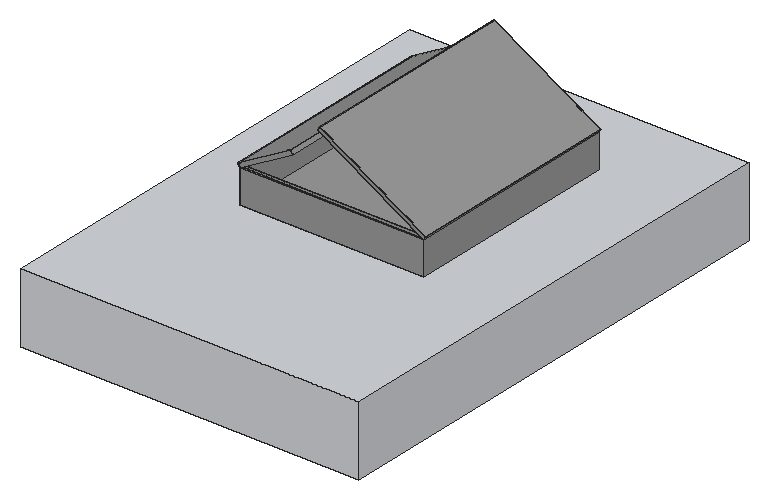
Revit family "Hager-Univers-IP44-D161-Cl.II-FWB-encl--PL-en", category Equipement électrique, Revit 2020
Family settings
  Hôte = Face
  Configuration du panneau = Deux colonnes, circuits au sein
  Cote de connecteur circulaire = Utiliser le diamètre
  Type d'élément = Tableau de raccordement
  Couper avec des vides une fois chargée = Non
  Partagée = Non
  Point de calcul de pièce = Non
Parameters (values of type "Surface mounted (plaster) IP44 W800 H950 D161  - FWB63D")
  Width Control [instance] = if([EF000008 - Width] > Min Width, [EF000008 - Width], Min Width)  # 800 mm
  Commentaires du type = [HG000003 - Range]  # "Univers"
  Thickness Door [instance] = if([EF009171 - Material plate thickness door/cover] > 3 mm, 3 mm, [EF009171 - Material plate thickness door/cover])  # 1 mm
  Seal Frame Offset [instance] = 17 mm  # constant formula
  Plinth Visibility [instance] = [HG000027 - Plinth height] > 0 mm  # no
  Model = ""
  Min Width [instance] = 100 mm  # constant formula
  Min Height [instance] = 100 mm  # constant formula
  Min Depth [instance] = (2 * [EF009170 - Material plate thickness cabinet]) + 1 mm  # 3 mm
  Internal Frame Depth [instance] = (Door System Depth * 0.5)  # 9 mm
  Height Control [instance] = if([EF000040 - Height] > Min Height, [EF000040 - Height], Min Height)  # 950 mm
  HG000027 - Plinth height = 0 mm
  HG000026 - Floor standing = no
  HG000024 - Bottom section height = 800 mm
  HG000023 - Double section enclosure = no
  HG000016 - Door 3d visibility [instance] = yes
  HG000015 - Clearance visibility [instance] = no
  HG000014 - Door on the right [instance] = yes
  HG000013 - Door on the left [instance] = not([HG000014 - Door on the right])  # no
  HG000012 - Door swing angle [instance] = 30.00°
  HG000010 - Asymmetric doors = yes
  HG000009 - Double swing door = yes
  HG000006 - Flush mounted = no
  HG000004 - Manufacturer reference = "FWB63D"
  HG000003 - Range = "Univers"
  HG000002 - With door or cover = yes
  Frame Offset Bottom [instance] = 10 mm  # constant formula
  Frame Offset [instance] = 15 mm  # constant formula
  EF015940 - Cover with overpressure release = no
  EF011959 - Degree of protection (NEMA) = ""
  EF009554 - Number of openings for flange plates = 6
  EF009212 - Cover model = "EV000116 - Closed"
  EF009171 - Material plate thickness door/cover = 1 mm
  EF009170 - Material plate thickness cabinet = 1 mm
  Fabricant = "Hager"  # constant formula
  EF008873 - Nominal current (In) = 125 A
  EF007800 - Suitable for lightning protection = no
  EF006306 - With lock = no
  EF006244 - Transparent cover/door = no
  EF005474 - Degree of protection (IP) = "EV006418 - IP44"
  EF004464 - Type of door = "EV000494 - None"
  EF004427 - Number of modules = 216
  EF004293 - Impact strength = "EV006815 - IK09"
  EF003532 - Suitable for outdoor use = no
  EF002950 - Width in number of modular spacings = 12
  EF001613 - Circuit integrity = "EV000494 - None"
  EF001596 - Material housing = "EV000179 - Steel"
  EF001131 - Internal depth = 156 mm
  EF001088 - Extension possible = yes
  EF000437 - Number of conduit inlets = 12
  EF000339 - Type of cover = "EV004216 - Door"
  EF000266 - Number of rows = 0
  EF000218 - Built-in depth = 0 mm
  EF000118 - With mounting plate = no
  EF000116 - RAL-number = "9010"
  EF000049 - Depth = 161 mm
  EF000040 - Height = 950 mm
  EF000008 - Width = 800 mm
  EF000007 - Colour = "EV000202 - White"
  EF000003 - Mounting method = "EV000384 - Surface mounted (plaster)"
  Door System Leaf Tolerance [instance] = 1.5 mm  # constant formula
  Door System Depth [instance] = 18 mm  # constant formula
  Door Height [instance] = Height Control - [HG000027 - Plinth height]  # 950 mm
  Depth Control [instance] = if([EF000049 - Depth] > Min Depth, [EF000049 - Depth], Min Depth)  # 161 mm
  Default Elevation = 0 mm
  Connector Offset [instance] = Height Control / 2  # 475 mm
  Bottom Top Plate Trim [instance] = 1.5 mm  # constant formula
  Plinth height Ctrl [instance] = if([HG000027 - Plinth height] > 0 mm, [HG000027 - Plinth height], 12 mm)  # 12 mm
Types (19, lengths in mm): name | Width Control | Thickness Door | Min Depth | Height Control | HG000010 - Asymmetric doors | HG000009 - Double swing door | HG000004 - Manufacturer reference | EF009554 - Number of openings for flange plates | EF009212 - Cover model | EF009171 - Material plate thickness door/cover | EF009170 - Material plate thickness cabinet | EF004464 - Type of door | EF004427 - Number of modules | EF001131 - Internal depth | EF000437 - Number of conduit inlets | EF000339 - Type of cover | EF000040 - Height | EF000008 - Width | Door Height | Connector Offset
  Surface mounted (plaster) IP44 W1050 H1100 D161  - FWB74D | 1050 | 1 | 3 | 1100 | no | yes | "FWB74D" | 8 | "EV000116 - Closed" | 1 | 1 | "EV000494 - None" | 336 | 160 | 16 | "EV000494 - None" | 1100 | 1050 | 1100 | 550
  Surface mounted (plaster) IP44 W1050 H500 D161  - FWB34D | 1050 | 1 | 3 | 500 | no | yes | "FWB34D" | 8 | "EV000116 - Closed" | 1 | 1 | "EV003602 - Double" | 144 | 156 | 16 | "EV004216 - Door" | 500 | 1050 | 500 | 250
  Surface mounted (plaster) IP44 W1050 H650 D161  - FWB44D | 1050 | 1 | 3 | 650 | no | yes | "FWB44D" | 8 | "EV000116 - Closed" | 1 | 1 | "EV003602 - Double" | 192 | 156 | 16 | "EV004216 - Door" | 650 | 1050 | 650 | 325
  Surface mounted (plaster) IP44 W1050 H800 D161  - FWB54D | 1050 | 1 | 3 | 800 | no | yes | "FWB54D" | 8 | "EV000116 - Closed" | 1 | 1 | "EV002646 - Single" | 240 | 156 | 16 | "EV004216 - Door" | 800 | 1050 | 800 | 400
  Surface mounted (plaster) IP44 W1050 H950 D161  - FWB64D | 1050 | 1 | 3 | 950 | no | yes | "FWB64D" | 8 | "EV000116 - Closed" | 1 | 1 | "EV003602 - Double" | 288 | 156 | 16 | "EV004216 - Door" | 950 | 1050 | 950 | 475
  Surface mounted (plaster) IP44 W300 H1100 D161  - FWB71D | 300 | 1 | 3 | 1100 | no | no | "FWB71D" | 2 | "EV000116 - Closed" | 1 | 1 | "EV000494 - None" | 84 | 160 | 4 | "EV004216 - Door" | 1100 | 300 | 1100 | 550
  Surface mounted (plaster) IP44 W300 H650 D161  - FWB41D | 300 | 2 | 5 | 650 | no | no | "FWB41D" | 2 | "EV000116 - Closed" | 2 | 2 | "EV000494 - None" | 48 | 160 | 4 | "EV004216 - Door" | 650 | 300 | 650 | 325
  Surface mounted (plaster) IP44 W300 H800 D161  - FWB51D | 300 | 1 | 3 | 800 | no | no | "FWB51D" | 2 | "EV000116 - Closed" | 1 | 1 | "EV000494 - None" | 60 | 160 | 4 | "EV004216 - Door" | 800 | 300 | 800 | 400
  Surface mounted (plaster) IP44 W300 H950 D161  - FWB61D | 300 | 1 | 3 | 950 | no | no | "FWB61D" | 2 | "EV000116 - Closed" | 1 | 1 | "EV000494 - None" | 72 | 160 | 4 | "EV004216 - Door" | 950 | 300 | 950 | 475
  Surface mounted (plaster) IP44 W550 H1100 D161  - FWB72D | 550 | 1 | 3 | 1100 | no | no | "FWB72D" | 4 | "EV000116 - Closed" | 1 | 1 | "EV000494 - None" | 168 | 160 | 8 | "EV004216 - Door" | 1100 | 550 | 1100 | 550
  Surface mounted (plaster) IP44 W550 H500 D161  - FWB32D | 550 | 2 | 5 | 500 | no | no | "FWB32D" | 4 | "EV000116 - Closed" | 2 | 2 | "EV002646 - Single" | 72 | 156 | 8 | "EV000494 - None" | 500 | 550 | 500 | 250
  Surface mounted (plaster) IP44 W550 H650 D161  - FWB42D | 550 | 1 | 3 | 650 | no | no | "FWB42D" | 4 | "EV000116 - Closed" | 1 | 1 | "EV000494 - None" | 96 | 160 | 8 | "EV004216 - Door" | 650 | 550 | 650 | 325
  Surface mounted (plaster) IP44 W550 H800 D161  - FWB52D | 550 | 1 | 3 | 800 | no | no | "FWB52D" | 4 | "EV000116 - Closed" | 1 | 1 | "EV000494 - None" | 120 | 160 | 8 | "EV004216 - Door" | 800 | 550 | 800 | 400
  Surface mounted (plaster) IP44 W550 H950 D161  - FWB62D | 550 | 1 | 3 | 950 | no | no | "FWB62D" | 4 | "EV000116 - Closed" | 1 | 1 | "EV000494 - None" | 144 | 160 | 8 | "EV004216 - Door" | 950 | 550 | 950 | 475
  Surface mounted (plaster) IP44 W800 H1100 D161  - FWB73D | 800 | 1 | 3 | 1100 | yes | yes | "FWB73D" | 6 | "EV000116 - Closed" | 1 | 1 | "EV003602 - Double" | 252 | 156 | 12 | "EV004216 - Door" | 1100 | 800 | 1100 | 550
  Surface mounted (plaster) IP44 W800 H500 D161  - FWB33D | 800 | 1 | 3 | 500 | yes | yes | "FWB33D" | 6 | "EV000116 - Closed" | 1 | 1 | "EV000494 - None" | 108 | 160 | 12 | "EV004216 - Door" | 500 | 800 | 500 | 250
  Surface mounted (plaster) IP44 W800 H650 D161  - FWB43D | 800 | 1 | 5 | 650 | yes | yes | "FWB43D" | 6 | "EV009916 - With notch" | 1 | 2 | "EV000494 - None" | 144 | 160 | 12 | "EV004216 - Door" | 650 | 800 | 650 | 325
  Surface mounted (plaster) IP44 W800 H800 D161  - FWB53D | 800 | 1 | 5 | 800 | yes | yes | "FWB53D" | 6 | "EV000116 - Closed" | 1 | 2 | "EV000494 - None" | 180 | 160 | 12 | "EV004216 - Door" | 800 | 800 | 800 | 400
  Surface mounted (plaster) IP44 W800 H950 D161  - FWB63D | 800 | 1 | 3 | 950 | yes | yes | "FWB63D" | 6 | "EV000116 - Closed" | 1 | 1 | "EV000494 - None" | 216 | 156 | 12 | "EV004216 - Door" | 950 | 800 | 950 | 475
Reference planes
  plane 1 "Center (Front/Back)": y = 0
  plane 2: z = 0
  plane 3 "Center (Left/Right)": x = 0
  plane 4: z = 161
  plane 5: y = 1
  plane 6: y = 475
  plane 7: y = 0
  plane 8: y = 950
  plane 9: z = 0
  plane 10: x = -385
  plane 11: x = 385
  plane 12: x = 384
  plane 13: x = -384
  plane 14: y = 949
  plane 15: x = -383
  plane 16: x = -400
  plane 17: x = 383
  plane 18: x = 400
  plane 19: x = 399
  plane 20: x = -399
  plane 21: y = 11
  plane 22: y = 950
  plane 23: y = 934
  plane 24: z = 143
  plane 25: z = 1
  plane 26: z = 142
  plane 27: z = 160
Forms (mm)
  Extrusion 1, solid
    sketch origin (0, 0, 0) x (1, 0, 0) y (0, 1, 0)
      loop
        line (-702.964, 1305) -> (-702.964, -811.445) -> (766.763, -811.445) -> (766.763, 1305) -> (-702.964, 1305)
    from 0 to -304.8
  Extrusion 2, solid, material "Hager_Steel_RAL7035_Light_Grey", visible <- "Plinth Visibility", detail levels medium+fine
    sketch origin (0, 0, 0) x (1, 0, 0) y (0, 1, 0)
      loop
        line (-400, 0) -> (400, 0) -> (400, 12) -> (-400, 12) -> (-400, 0)
    from 0 to 143
  Extrusion 3, solid, material "Hager_Steel_RAL7035_Light_Grey", detail levels medium+fine
    sketch origin (0, 0, 0) x (1, 0, 0) y (0, 1, 0)
      loop
        line (-400, 0) -> (400, 0) -> (400, 950) -> (-400, 950) -> (-400, 0)
    from 0 to 143
  Extrusion 4, void
    sketch origin (0, 0, 0) x (1, 0, 0) y (0, 1, 0)
      loop
        line (-399, 1) -> (399, 1) -> (399, 949) -> (-399, 949) -> (-399, 1)
    from 1 to 142
  Extrusion 5, void
    sketch origin (-381.607, -4572, 143) x (0, -1, 0) y (-1, 0, 0)
      loop
        line (-4583, 2.393) -> (-5506, 2.393) -> (-5506, -765.607) -> (-4583, -765.607) -> (-4583, 2.393)
    from 0 to 1 <- "EF009170 - Material plate thickness cabinet"
  Extrusion 6, solid, material "Hager_Steel_RAL7035_Light_Grey", detail levels fine
    sketch origin (0, 0, 143) x (1, 0, 0) y (0, 1, 0)
      loop
        line (-384, 934) -> (-384, 11) -> (384, 11) -> (384, 934) -> (-384, 934)
      loop
        line (-385, 10) -> (385, 10) -> (385, 935) -> (-385, 935) -> (-385, 10)
    from 0 to 9 <- "Internal Frame Depth"
  Extrusion 7, solid, material "Hager_Steel_RAL7035_Light_Grey", detail levels coarse
    sketch origin (0, 0, 0) x (1, 0, 0) y (0, 1, 0)
      loop
        line (-400, 0) -> (400, 0) -> (400, 950) -> (-400, 950) -> (-400, 0)
    from 0 to 161
  Sweep 8, void
    path in 3D
      loop
        line (-400, 12, 0) -> (400, 12, 0) -> (400, 12, 143) -> (-400, 12, 143) -> (-400, 12, 0)
    profile origin (-400, 12, 71.5) x (-1, 0, 0) y (0, -1, 0)
      loop
        line (0, 0) -> (0, 1.5) -> (-1.5, 1.5)
        arc (-1.5, 1.5) -> (-1.061, 0.439) -> (0, 0) r 1.5
Cuts and joins
  Extrusion 4, Extrusion 5 cuts Extrusion 3
  Sweep 8 cuts Extrusion 2
Lines and regions (mm)
  Masking region 1
    outline origin (0, 0, 0) x (1, 0, 0) y (0, 0, 1)
      loop
        line (-400, 161) -> (-400, 0) -> (400, 0) -> (400, 161) -> (-400, 161)
  Masking region 2, detail levels medium+fine
    outline origin (0, 140, 0) x (0, 1, 0) y (0, 0, 1)
      loop
        line (-140, 0) -> (810, 0) -> (810, 143) -> (-140, 143) -> (-140, 0)
  Masking region 3, not visible, detail levels medium+fine
    outline origin (0, 297.922, 0) x (0, 1, 0) y (0, 0, 1)
      loop
        line (188.578, 0) -> (228.578, 0) -> (228.578, 150)
        arc (228.578, 150) -> (225.649, 157.071) -> (218.578, 160) r 10
        line (218.578, 160) -> (188.578, 160) -> (188.578, 0)
  Masking region 4, detail levels coarse
    outline origin (0, 0, 180) x (0, 1, 0) y (0, 0, 1)
      loop
        line (0, -180) -> (950, -180) -> (950, -19) -> (0, -19) -> (0, -180)
  Masking region 5, visible <- "Plinth Visibility", detail levels medium+fine
    outline origin (0, 52.24, 12.345) x (0, 0, -1) y (0, 1, 0)
      loop
        line (10.845, -40.24) -> (-129.155, -40.24)
        arc (-129.155, -40.24) -> (-129.594, -41.301) -> (-130.655, -41.74) r 1.5
        line (-130.655, -41.74) -> (-130.655, -52.24) -> (12.345, -52.24) -> (12.345, -41.74)
        arc (12.345, -41.74) -> (11.285, -41.301) -> (10.845, -40.24) r 1.5
  Masking region 6, detail levels medium+fine
    outline origin (-381.607, -4572, 143) x (-1, 0, 0) y (0, -1, 0)
      loop
        line (18.393, -5522) -> (18.393, -4572) -> (-781.607, -4572) -> (-781.607, -5522) -> (18.393, -5522)
  Masking region 7, visible <- "Plinth Visibility", detail levels medium+fine
    outline origin (-381.607, -4727, 143) x (-1, 0, 0) y (0, -1, 0)
      loop
        arc (16.893, -4739) -> (17.332, -4737.939) -> (18.393, -4737.5) r 1.5
        line (18.393, -4737.5) -> (18.393, -4727) -> (-781.607, -4727) -> (-781.607, -4737.5)
        arc (-781.607, -4737.5) -> (-780.546, -4737.939) -> (-780.107, -4739) r 1.5
        line (-780.107, -4739) -> (16.893, -4739)
  Masking region 8, detail levels coarse
    outline origin (-442.548, -4669.526, 143) x (-1, 0, 0) y (0, -1, 0)
      loop
        line (-42.548, -5619.526) -> (-42.548, -4669.526) -> (-842.548, -4669.526) -> (-842.548, -5619.526) -> (-42.548, -5619.526)
  sketch lines
    curve 1: line (-400, 12, 143) -> (-400, 12, 0)
    curve 2: line (400, 12, 143) -> (-400, 12, 143)
    curve 3: line (400, 12, 143) -> (400, 12, 0)
    curve 4: line (-400, 12, 0) -> (400, 12, 0)
Dimensions and locks
  "Depth Control": plane 4 to Extrusion 1
  "HG000027 - Plinth height": plane 1 "Center (Front/Back)" to plane 7
  "EF009170 - Material plate thickness cabinet": plane 5 to plane 7
  locked: connector elem to plane 3 "Center (Left/Right)"
  equal spacing: plane 8, plane 6, plane 7
  locked: connector elem to plane 6
  "EF009170 - Material plate thickness cabinet": plane 8 to plane 14
  "EF009170 - Material plate thickness cabinet": plane 10 to plane 13
  "EF009170 - Material plate thickness cabinet": plane 12 to plane 11
  "Frame Offset": plane 20 to plane 13
  "Frame Offset": plane 12 to plane 19
  "EF009170 - Material plate thickness cabinet": plane 16 to plane 20
  "EF009170 - Material plate thickness cabinet": plane 19 to plane 18
  "Seal Frame Offset": plane 16 to plane 15
  "Seal Frame Offset": plane 17 to plane 18
  "Frame Offset Bottom": plane 21 to plane 5
  "Frame Offset": plane 14 to plane 23
  equal spacing: plane 16, plane 3 "Center (Left/Right)", plane 18
  "Width Control": plane 16 to plane 18
  "EF009170 - Material plate thickness cabinet": plane 4 to plane 27
  "EF009170 - Material plate thickness cabinet": plane 24 to plane 26
  "EF009170 - Material plate thickness cabinet": plane 25 to level
  "Door System Depth": plane 4 to plane 24
  "Height Control": plane 1 "Center (Front/Back)" to Extrusion 7 sketch curve
  "Height Control": Masking region 4 sketch curve to plane 1 "Center (Front/Back)"
  "Height Control": plane 1 "Center (Front/Back)" to plane 22
  "Bottom Top Plate Trim": profile plane to Sweep 8 sketch curve
  "Bottom Top Plate Trim": Sweep 8 sketch curve to profile plane
  "Plinth height Ctrl": plane 1 "Center (Front/Back)" to Extrusion 2 sketch curve
  "Plinth height Ctrl": Masking region 5 sketch curve to plane 1 "Center (Front/Back)"
  "Plinth height Ctrl": plane 1 "Center (Front/Back)" to Masking region 7 sketch curve
  "Thickness Door": Extrusion 6 sketch curve to Extrusion 6 sketch curve  (x3)
  "Thickness Door": cut or joined group of Extrusion 3, Extrusion 4, Extrusion 5 to Extrusion 6 sketch curve
  radius of Masking region 3 sketch curve = 10 mm
  "Bottom Top Plate Trim": radius of Masking region 5 sketch curve  (x2)
  "Bottom Top Plate Trim": radius of Sweep 8 sketch curve
  "Bottom Top Plate Trim": radius of Masking region 7 sketch curve  (x2)
  aligned and locked: plane 2 to Extrusion 1
  aligned and locked: level to Extrusion 1
  aligned and locked: level to Masking region 1 sketch curve
  aligned and locked: Masking region 1 sketch curve to plane 18
  aligned and locked: Masking region 1 sketch curve to plane 16
  aligned and locked: plane 7 to Masking region 2 sketch curve
  aligned and locked: level to Masking region 3 sketch curve
  aligned and locked: Masking region 3 sketch curve to plane 27
  aligned and locked: level to Masking region 2 sketch curve
  aligned and locked: plane 1 "Center (Front/Back)" to Extrusion 2 sketch curve
  aligned and locked: Extrusion 3 sketch curve to plane 7
  aligned and locked: plane 16 to Extrusion 3 sketch curve
  aligned and locked: plane 18 to Extrusion 3 sketch curve
  aligned and locked: plane 20 to Extrusion 4 sketch curve
  aligned and locked: plane 19 to Extrusion 4 sketch curve
  aligned and locked: Extrusion 4 sketch curve to plane 5
  aligned and locked: Extrusion 4 to plane 25
  aligned and locked: plane 26 to Extrusion 4
  aligned and locked: plane 24 to Extrusion 3
  aligned and locked: Extrusion 5 sketch curve to plane 21
  aligned and locked: Extrusion 5 sketch curve to plane 13
  aligned and locked: Extrusion 5 sketch curve to plane 12
  aligned and locked: plane 18 to Extrusion 7 sketch curve
  aligned and locked: plane 1 "Center (Front/Back)" to Extrusion 7 sketch curve
  aligned and locked: plane 16 to Extrusion 7 sketch curve
  aligned and locked: plane 4 to Extrusion 7
  aligned and locked: Extrusion 7 to level
  aligned and locked: level to Masking region 4 sketch curve
  aligned and locked: Masking region 4 sketch curve to plane 1 "Center (Front/Back)"
  aligned and locked: Masking region 4 sketch curve to plane 4
  aligned and locked: nested 1 to level
  aligned and locked: nested 1 to plane 16
  aligned and locked: plane 8 to Extrusion 3 sketch curve
  aligned and locked: plane 23 to Extrusion 5 sketch curve
  aligned and locked: plane 14 to Extrusion 4 sketch curve
  aligned and locked: Masking region 2 sketch curve to plane 8
  aligned and locked: level to Masking region 5 sketch curve
  aligned and locked: plane 16 to Extrusion 2 sketch curve
  aligned and locked: plane 18 to Extrusion 2 sketch curve
  aligned and locked: Masking region 5 sketch curve to plane 24
  aligned and locked: Masking region 2 sketch curve to plane 24
  aligned and locked: plane 24 to Extrusion 2
  aligned and locked: profile plane to Sweep 8 sketch curve  (x2)
  aligned and locked: Masking region 6 sketch curve to plane 18
  aligned and locked: Masking region 6 sketch curve to plane 22
  aligned and locked: Masking region 6 sketch curve to plane 16
  aligned and locked: plane 8 to plane 22
  aligned and locked: Masking region 6 sketch curve to plane 7
  aligned and locked: Masking region 7 sketch curve to plane 16
  aligned and locked: Masking region 7 sketch curve to plane 1 "Center (Front/Back)"
  aligned and locked: Masking region 7 sketch curve to plane 18
  aligned and locked: Masking region 8 sketch curve to plane 1 "Center (Front/Back)"
  aligned and locked: Masking region 8 sketch curve to plane 18
  aligned and locked: Masking region 8 sketch curve to plane 22
  aligned and locked: Masking region 8 sketch curve to plane 16
  aligned and locked: nested 2 to plane 7
  aligned and locked: plane 3 "Center (Left/Right)" to nested 2
  aligned and locked: nested 2 to plane 24
  aligned and locked: Extrusion 6 sketch curve to cut or joined group of Extrusion 3, Extrusion 4, Extrusion 5  (x4)
Automatic sketch dimensions
  Extrusion 1 sketch curve to Extrusion 1 sketch curve = 1469.727 mm
  Extrusion 1 sketch curve to Extrusion 1 sketch curve = 2116.445 mm
  Masking region 1 sketch curve to plane 4 = 0 mm
  plane 6 to Masking region 3 sketch curve = 11.5 mm
  Masking region 3 sketch curve to Masking region 3 sketch curve = 30 mm
  Masking region 5 sketch curve to plane 1 "Center (Front/Back)" = 0 mm
Nested families
  nested 1: "Hager_Enclosure_Symbol" at (-400, 0, 0) x (1, 0, 0) z (0, -1, 0), Height <- "Depth Control", Width <- "Width Control", type "Hager_Enclosure_Symbol"
    with Width_Ctrl 800 mm, Width 800 mm, Height_Ctrl 161 mm, Height 161 mm, A_Width_Int 10.566 mm, A_Width 126.788 mm, A_Height_Ctrl 140.875 mm, A_Height 140.875 mm
  nested 2: "EC000058_Univers_Door" at (0, 0, 143) x (1, 0, 0) z (0, 1, 0), Leaf_Tolerance <- "Door System Leaf Tolerance", Angle <- "HG000012 - Door swing angle", Door_Depth <- "Door System Depth", Door_Left <- "HG000013 - Door on the left", Transparent <- "EF006244 - Transparent cover/door", Assymetrical <- "HG000010 - Asymmetric doors", Width <- "Width Control", Clearance <- "HG000015 - Clearance visibility", Double <- "HG000009 - Double swing door", 3d_Door <- "HG000016 - Door 3d visibility", Lock_Visibility <- "EF006306 - With lock", Width_Ctrl <- "Width Control", Door_Right <- "HG000014 - Door on the right", Door <- "HG000002 - With door or cover", Height <- "Door Height", Thickness <- "Thickness Door", type "EC000058_Univers_Door", detail levels medium+fine
    with min_wh 3 mm, Width_Ctrl 800 mm, Width 800 mm, Transparent no, Thickness 1 mm, Seal_Material Hager_Rubber, Lock_Visibility no, Lock_Material Hager_Plastic_RAL9005_Jet_Black, Leaf_Width 800 mm, Leaf_Tolerance_External_Sides 0 mm, Leaf_Tolerance 1.5 mm, Leaf_Offset 0 mm, Leaf_Height 947 mm, Leaf_2_Width 532.583 mm, Leaf_2_Offset 266.292 mm, Leaf_1_Width 265.917 mm, Leaf_1_Offset 132.958 mm, Height_Ctrl 950 mm, Height 950 mm, Glass_Material Hager_Glass, Double_Clearance_Ctrl no, Double yes, Door_Right_Ctrl yes, Door_Right yes, Door_Material Hager_Steel_RAL7035_Light_Grey, Door_Left_Ctrl yes, Door_Left no, Door_Depth 18 mm, Door yes, Clearance_Material Hager_Clearance, Clearance_Depth 532.583 mm, Clearance_Ctrl no, Clearance no, Assymetrical yes, Angle 30.00°, 3d_Door yes
Connectors
  electrical at (0, 475, 0)
    settings: on plane 9, index 1, voltage 0 V, apparent load 0 VA, apparent load phase1 0 VA, apparent load phase2 0 VA, apparent load phase3 0 VA, power factor 1, load classification "Other", number of poles 1, system type 30, power factor state 1, is connector primary yes, connector utility no, sub classification motor no, connector description ""
Definition of nested family "EC000058_Univers_Door"
  Parameters (values of type "EC000058_Univers_Door")
    min_wh [instance] = (2 * Thickness) + 1 mm  # 11 mm
    Width_Ctrl [instance] = 400 mm
    Width [instance] = 500 mm
    Transparent [instance] = yes
    Thickness [instance] = 5 mm
    Seal_Material [instance] = none
    Lock_Visibility [instance] = yes
    Lock_Material [instance] = none
    Leaf_Width [instance] = if((Width_Ctrl - 2 * Leaf_Tolerance_External_Sides) > 0 mm, (Width_Ctrl - 2 * Leaf_Tolerance_External_Sides), min_wh)  # 400 mm
    Leaf_Tolerance_External_Sides [instance] = 0 mm  # constant formula
    Leaf_Tolerance [instance] = 1.5 mm
    Leaf_Offset [instance] = 0 mm  # constant formula
    Leaf_Height [instance] = if((Height_Ctrl - 2 * Leaf_Tolerance) > 0 mm, (Height_Ctrl - 2 * Leaf_Tolerance), min_wh)  # 497 mm
    Leaf_2_Width [instance] = if(and(and(Double, Assymetrical), Door_Left), (Leaf_Width / 3) - (Leaf_Tolerance / 2), if(and(and(Double, Assymetrical), Door_Right), (Leaf_Width / 3) * 2 - (Leaf_Tolerance / 2), if(and(Double, not(Assymetrical)), (Leaf_Width / 2) - Leaf_Tolerance, Leaf_Width)))  # 400 mm
    Leaf_2_Offset [instance] = if(and(Double, Assymetrical), Leaf_2_Width / 2, if(and(Double, not(Assymetrical)), Leaf_Width / 4, Leaf_Width / 2))  # 200 mm
    Leaf_1_Width [instance] = if(and(and(Double, Assymetrical), Door_Right), (Leaf_Width / 3) - (Leaf_Tolerance / 2), if(and(and(Double, Assymetrical), Door_Left), (Width / 3) * 2 - (Leaf_Tolerance / 2), if(and(Double, not(Assymetrical)), (Leaf_Width / 2) - Leaf_Tolerance, Leaf_Width)))  # 400 mm
    Leaf_1_Offset [instance] = if(and(Double, Assymetrical), Leaf_1_Width / 2, if(and(Double, not(Assymetrical)), Leaf_Width / 4, Leaf_Width / 2))  # 200 mm
    Height_Ctrl [instance] = if(Height > min_wh, Height, min_wh)  # 500 mm
    Height [instance] = 500 mm
    Glass_Material [instance] = none
    Double_Clearance_Ctrl [instance] = and(Double, Clearance)  # no
    Double [instance] = no
    Door_Right_Ctrl [instance] = and(or(Door_Right, Double), Door)  # yes
    Door_Right [instance] = yes
    Door_Material [instance] = none
    Door_Left_Ctrl [instance] = and(or(Door_Left, Double), Door)  # no
    Door_Left [instance] = no
    Door_Depth [instance] = 30 mm
    Door [instance] = yes
    Default Elevation = 1219.2 mm
    Clearance_Material [instance] = none
    Clearance_Depth [instance] = if(Leaf_1_Width > Leaf_2_Width, Leaf_1_Width, Leaf_2_Width)  # 400 mm
    Clearance_Ctrl [instance] = and(not(Double), Clearance)  # yes
    Clearance [instance] = yes
    Assymetrical [instance] = yes
    Angle [instance] = 30.00°
    3d_Door [instance] = yes
  Reference planes
    plane 1 "Center (Front/Back)": y = 0
    plane 2 "Bottom": z = 0
    plane 3 "Center (Left/Right)": x = 0
    plane 4: z = 500
    plane 5: x = -200
    plane 6: x = 200
    plane 7: z = 500
    plane 8: x = -200
    plane 9: z = 0
    plane 10: x = 200
    plane 11: y = 0
    plane 12: z = 1.5
    plane 13: x = -600
    plane 14: y = -400
    plane 15: x = 600
    plane 16: x = 0
    plane 17: x = 0
    plane 18: x = -200
    plane 19: x = 200
    plane 20: z = 498.5
  Forms (mm)
    Extrusion 1, solid, material <- "Clearance_Material", visible <- "Double_Clearance_Ctrl"
      sketch origin (1200, 0, 0) x (1, 0, 0) y (0, 0, -1)
        loop
          line (-1800, -498.5) -> (-600, -498.5) -> (-600, 0) -> (-1800, 0) -> (-1800, -498.5)
      from 0 to -400
  Dimensions and locks
    equal spacing: plane 5, plane 3 "Center (Left/Right)", plane 6
    "Width_Ctrl": plane 5 to plane 6
    "Leaf_Offset": plane 5 to plane 8
    "Leaf_Offset": plane 6 to plane 10
    "Leaf_Offset": plane 9 to level
    "Leaf_Offset": plane 4 to plane 7
    "Height_Ctrl": plane 4 to level
    "Leaf_Tolerance": plane 12 to plane 9
    locked: plane 11 to plane 1 "Center (Front/Back)"
    "Leaf_1_Offset": plane 18 to plane 16
    "Leaf_2_Offset": plane 17 to plane 19
    "Leaf_1_Width": plane 13 to plane 8
    "Leaf_2_Width": plane 10 to plane 15
    "Clearance_Depth": plane 14 to plane 1 "Center (Front/Back)"
    "Leaf_Tolerance_External_Sides": plane 8 to plane 18
    "Leaf_Tolerance_External_Sides": plane 19 to plane 10
    "Leaf_Tolerance": plane 7 to plane 20
    aligned and locked: level to plane 2 "Bottom"
    aligned and locked: nested 1 to plane 16
    aligned and locked: nested 2 to plane 17
    aligned and locked: Extrusion 1 to plane 13
    aligned and locked: plane 15 to Extrusion 1
    aligned and locked: Extrusion 1 to plane 14
    aligned and locked: plane 12 to nested 1
    aligned and locked: nested 2 to plane 12
    aligned and locked: Extrusion 1 to plane 11
    aligned and locked: plane 20 to Extrusion 1
    aligned and locked: nested 2 to plane 11
    aligned and locked: nested 1 to plane 11
  Automatic sketch dimensions
    Extrusion 1 sketch curve to level = 0 mm
    plane 5 to Extrusion 1 sketch curve = 400 mm
    plane 6 to Extrusion 1 sketch curve = 400 mm
    Extrusion 1 sketch curve to plane 4 = 1.5 mm
  Nested families
    nested 1: "EC000058_Univers_Door_Leaf" at (0, 0, 1.5), Width <- "Leaf_1_Width", visible <- "Door_Left_Ctrl", Leaf_Height <- "Leaf_Height", Angle <- "Angle", 3d_Door <- "3d_Door", Transparent <- "Transparent", Clearance Material <- "Clearance_Material", Clearance <- "Clearance_Ctrl", Door_Material <- "Door_Material", Glass_Material <- "Glass_Material", Door_Depth <- "Door_Depth", Lock_Material <- "Lock_Material", Seal_Material <- "Seal_Material", Lock_Visibility <- "Lock_Visibility", Thickness <- "Thickness", type "EC000058_Univers_Door_Leaf"
      with Width 400 mm, Transparent_Glass_Offset 30 mm, Transparent_Ctrl yes, Transparent yes, Thickness 5 mm, Standard no, Seal_Material none, Seal_D2 8 mm, Seal_D1 1 mm, Offset_Internal_Frame 10 mm, Lock_Width 20 mm, Lock_Visibility_3d yes, Lock_Visibility yes, Lock_Thickness_3 3 mm, Lock_Thickness_2 1 mm, Lock_Thickness_1 3 mm, Lock_Radius_Offset_2 16 mm, Lock_Radius_Offset_1 15 mm, Lock_Radius_2 5 mm, Lock_Radius 6 mm, Lock_Offset 5 mm, Lock_Material none, Lock_Height 80 mm, Lock_Cover_Top_Offset_2d 17 mm, Lock_Cover_Height -65 mm, Leaf_Height 497 mm, Internal_Seal_Thickness 8 mm, Internal_Seal_Depth_2 4.5 mm, Internal_Frame_Depth 25 mm, Glass_Thickness -1 mm, Glass_Offset -2 mm, Glass_Material none, Door_Material none, Door_Depth 30 mm, Clearance Material none, Clearance yes, Angle_Ctrl 30.00°, Angle 30.00°, 3d_Door yes
    nested 2: "EC000058_Univers_Door_Leaf" at (0, 0, 1.5) x (-1, 0, 0) z (0, 0, 1), Width <- "Leaf_2_Width", visible <- "Door_Right_Ctrl", Leaf_Height <- "Leaf_Height", Angle <- "Angle", 3d_Door <- "3d_Door", Transparent <- "Transparent", Clearance Material <- "Clearance_Material", Clearance <- "Clearance_Ctrl", Door_Material <- "Door_Material", Glass_Material <- "Glass_Material", Door_Depth <- "Door_Depth", Lock_Material <- "Lock_Material", Seal_Material <- "Seal_Material", Lock_Visibility <- "Lock_Visibility", Thickness <- "Thickness", type "EC000058_Univers_Door_Leaf"
      with Width 400 mm, Transparent_Glass_Offset 30 mm, Transparent_Ctrl yes, Transparent yes, Thickness 5 mm, Standard no, Seal_Material none, Seal_D2 8 mm, Seal_D1 1 mm, Offset_Internal_Frame 10 mm, Lock_Width 20 mm, Lock_Visibility_3d yes, Lock_Visibility yes, Lock_Thickness_3 3 mm, Lock_Thickness_2 1 mm, Lock_Thickness_1 3 mm, Lock_Radius_Offset_2 16 mm, Lock_Radius_Offset_1 15 mm, Lock_Radius_2 5 mm, Lock_Radius 6 mm, Lock_Offset 5 mm, Lock_Material none, Lock_Height 80 mm, Lock_Cover_Top_Offset_2d 17 mm, Lock_Cover_Height -65 mm, Leaf_Height 497 mm, Internal_Seal_Thickness 8 mm, Internal_Seal_Depth_2 4.5 mm, Internal_Frame_Depth 25 mm, Glass_Thickness -1 mm, Glass_Offset -2 mm, Glass_Material none, Door_Material none, Door_Depth 30 mm, Clearance Material none, Clearance yes, Angle_Ctrl 30.00°, Angle 30.00°, 3d_Door yes
  Definition of nested family "EC000058_Univers_Door_Leaf"
    Parameters (values of type "EC000058_Univers_Door_Leaf")
      Width [instance] = 2000 mm
      Transparent_Glass_Offset [instance] = 30 mm
      Transparent_Ctrl [instance] = and(Transparent, [3d_Door])  # yes
      Transparent [instance] = yes
      Thickness [instance] = 5 mm
      Standard [instance] = and(not(Transparent), [3d_Door])  # no
      Seal_Material [instance] = none
      Seal_D2 [instance] = 8 mm  # constant formula
      Seal_D1 [instance] = 1 mm  # constant formula
      Offset_Internal_Frame [instance] = 10 mm  # constant formula
      Lock_Width [instance] = 20 mm  # constant formula
      Lock_Visibility_3d [instance] = and(Lock_Visibility, [3d_Door])  # yes
      Lock_Visibility [instance] = yes
      Lock_Thickness_3 [instance] = 3 mm  # constant formula
      Lock_Thickness_2 [instance] = 1 mm  # constant formula
      Lock_Thickness_1 [instance] = 3 mm  # constant formula
      Lock_Radius_Offset_2 [instance] = Lock_Radius_Offset_1 + 1 mm  # 16 mm
      Lock_Radius_Offset_1 [instance] = 15 mm  # constant formula
      Lock_Radius_2 [instance] = Lock_Radius - 1 mm  # 5 mm
      Lock_Radius [instance] = 6 mm  # constant formula
      Lock_Offset [instance] = 5 mm  # constant formula
      Lock_Material [instance] = none
      Lock_Height [instance] = 80 mm  # constant formula
      Lock_Cover_Top_Offset_2d [instance] = Lock_Radius_Offset_2 + 1 mm  # 17 mm
      Lock_Cover_Height [instance] = -(Lock_Height - Lock_Radius_Offset_1)  # -65 mm
      Leaf_Height [instance] = 2720.336 mm
      Internal_Seal_Thickness [instance] = 8 mm  # constant formula
      Internal_Seal_Depth_2 [instance] = 4.5 mm  # constant formula
      Internal_Frame_Depth [instance] = if(Door_Depth - Thickness > 5 mm, Door_Depth - Thickness, 5 mm)  # 25 mm
      Glass_Thickness [instance] = if(Thickness > 15 mm, Glass_Offset + 10 mm, -1 mm)  # -1 mm
      Glass_Offset [instance] = if(Thickness > 15 mm, -(Thickness + 10 mm) / 2, -2 mm)  # -2 mm
      Glass_Material [instance] = none
      Door_Material [instance] = none
      Door_Depth [instance] = 30 mm
      Default Elevation = 0 mm
      Clearance Material [instance] = none
      Clearance [instance] = yes
      Angle_Ctrl [instance] = if(Angle > 180.00°, 180.00°, Angle)  # 90.00°
      Angle [instance] = 90.00°
      3d_Door [instance] = yes
    Reference planes
      plane 1 "Center (Front/Back)": y = 0
      plane 2: z = 0
      plane 3 "Center (Left/Right)": x = 0
      plane 4: y = 2000
      plane 5: x = -1000
      plane 6: x = 1000
      plane 7: x = -3000
      plane 8: z = 2720.336
      plane 9: z = 30
      plane 10: z = 2690.336
      plane 11: x = 970
      plane 12: x = -970
      plane 13: y = -3
      plane 14: z = 107.833
      plane 15: y = -5
      plane 16: y = -223.314
      plane 17: x = -1000
      plane 18: z = 1360.168
      plane 19: y = 30
    Forms (mm)
      Extrusion 1, solid, material <- "Clearance Material", visible <- "Clearance"
        sketch origin (0, 0, 0) x (1, 0, 0) y (0, 0, 1)
          loop
            line (-3000, 2720.336) -> (-3000, 0) -> (1000, 0) -> (1000, 2720.336) -> (-3000, 2720.336)
        from 0 to -2000
      Extrusion 2, solid, material <- "Door_Material", visible <- "Standard", detail levels medium+fine
        sketch origin (-1000, 0, 0) x (0, 1, 0) y (-1, 0, 0)
          loop
            line (0, 30) -> (0, 25) -> (2000, 25) -> (2000, 30) -> (0, 30)
        from 0 to 2720.336 <- "Leaf_Height"
      Extrusion 3, solid, material <- "Door_Material", visible <- "Transparent_Ctrl", detail levels medium+fine
        sketch origin (-1000, 0, 0) x (0, 1, 0) y (-1, 0, 0)
          loop
            line (0, 25) -> (2000, 25) -> (2000, 30) -> (0, 30) -> (0, 25)
        from 0 to 2720.336 <- "Leaf_Height"
      Extrusion 4, void
        sketch origin (-1025, 2000, 0) x (0, 1, 0) y (0, 0, -1)
          loop
            line (-30, -2690.336) -> (-30, -30) -> (-1970, -30) -> (-1970, -2690.336) -> (-30, -2690.336)
        from 0 to 5 <- "Thickness"
      Sweep 5, solid, material <- "Seal_Material", visible <- "Transparent_Ctrl", detail levels fine
        path in 3D
          loop
            line (-1025, 30, 30) -> (-1025, 30, 2690.336) -> (-1025, 1970, 2690.336) -> (-1025, 1970, 30) -> (-1025, 30, 30)
        profile origin (-1025, 1000, 30) x (1, 0, 0) y (0, 0, 1)
          loop
            line (0, 0) -> (0, -8) -> (1, -8) -> (1, 0) -> (0, 0)
      Extrusion 6, solid, material <- "Glass_Material", visible <- "Transparent_Ctrl", detail levels medium+fine
        sketch origin (-1030, 0, 0) x (0, 1, 0) y (0, 0, -1)
          loop
            line (1970, -2690.336) -> (1970, -30) -> (30, -30) -> (30, -2690.336) -> (1970, -2690.336)
        from -2 <- "Glass_Offset" to -1 <- "Glass_Thickness"
      Extrusion 7, solid, material <- "Door_Material", visible <- "3d_Door", detail levels medium+fine
        sketch origin (-1025, 2000, 0) x (0, -1, 0) y (0, 0, -1)
          loop
            line (0, -2720.336) -> (2000, -2720.336) -> (2000, 0) -> (0, 0) -> (0, -2720.336)
          loop
            line (1995, -5) -> (5, -5) -> (5, -2715.336) -> (1995, -2715.336) -> (1995, -5)
        from 0 to 25 <- "Internal_Frame_Depth"
      Sweep 8, solid, material <- "Seal_Material", visible <- "Transparent_Ctrl", detail levels fine
        path in 3D
          loop
            line (-1025, 0, 0) -> (-1025, 2000, 0) -> (-1025, 2000, 2720.336) -> (-1025, 0, 2720.336) -> (-1025, 0, 0)
        profile origin (-1025, 0, 1360.168) x (1, 0, 0) y (0, 1, 0)
          loop
            line (0, 10) -> (2.975, 10)
            arc (2.975, 10) -> (4.053, 10.447) -> (4.5, 11.525) r 1.525
            line (4.5, 11.525) -> (4.5, 16.527)
            arc (4.5, 16.527) -> (4.069, 17.569) -> (3.027, 18) r 1.473
            line (3.027, 18) -> (0, 18) -> (0, 10)
      Extrusion 9, solid, material <- "Lock_Material", visible <- "Lock_Visibility_3d", detail levels fine
        sketch origin (-1030, 0, 0) x (0, 1, 0) y (0, 0, -1)
          loop
            arc (1993.5, -1400.168) -> (1994.561, -1399.729) -> (1995, -1398.668) r 1.5
            line (1995, -1398.668) -> (1995, -1320.168) -> (1975, -1320.168) -> (1975, -1398.668)
            arc (1975, -1398.668) -> (1975.439, -1399.729) -> (1976.5, -1400.168) r 1.5
            line (1976.5, -1400.168) -> (1993.5, -1400.168)
        from 3 <- "Lock_Thickness_1" to 0
      Blend 10, solid, material <- "Lock_Material", visible <- "Lock_Visibility_3d", detail levels fine
        base sketch origin (-1033, 0, 0) x (0, 1, 0) y (0, 0, -1)
          loop
            line (1975, -1320.168) -> (1975, -1398.668)
            arc (1975, -1398.668) -> (1975.439, -1399.729) -> (1976.5, -1400.168) r 1.5
            line (1976.5, -1400.168) -> (1993.5, -1400.168)
            arc (1993.5, -1400.168) -> (1994.561, -1399.729) -> (1995, -1398.668) r 1.5
            line (1995, -1398.668) -> (1995, -1320.168) -> (1975, -1320.168)
        top sketch origin (-1033, 0, 0) x (0, 1, 0) y (0, 0, -1)
          loop
            line (1976, -1320.168) -> (1976, -1398.668)
            arc (1976, -1398.668) -> (1976.146, -1399.022) -> (1976.5, -1399.168) r 0.5
            line (1976.5, -1399.168) -> (1993.5, -1399.168)
            arc (1993.5, -1399.168) -> (1993.854, -1399.022) -> (1994, -1398.668) r 0.5
            line (1994, -1398.668) -> (1994, -1320.168) -> (1976, -1320.168)
        from 0 to 1 <- "Lock_Thickness_2"
      Blend 11, solid, material <- "Lock_Material", visible <- "Lock_Visibility_3d", detail levels fine
        base sketch origin (-1034, 0, 0) x (0, 1, 0) y (0, 0, -1)
          loop
            line (1978, -1320.168) -> (1978, -1384.168)
            arc (1978, -1384.168) -> (1985, -1391.168) -> (1992, -1384.168) r 7
            line (1992, -1384.168) -> (1992, -1320.168) -> (1978, -1320.168)
        top sketch origin (-1034, 0, 0) x (0, 1, 0) y (0, 0, -1)
          loop
            line (1991, -1320.168) -> (1979, -1320.168) -> (1979, -1383.168)
            arc (1979, -1383.168) -> (1985, -1389.168) -> (1991, -1383.168) r 6
            line (1991, -1383.168) -> (1991, -1320.168)
        from 0 to 3 <- "Lock_Thickness_3"
      Extrusion 12, solid, material <- "Lock_Material", visible <- "Lock_Visibility_3d", detail levels fine
        sketch origin (-1030, 1975, 1320.168) x (1, 0, 0) y (0, -1, 0)
          loop
            line (-7, -19) -> (-7, -1) -> (0, -1) -> (0, 0) -> (-8, 0) -> (-8, -20) -> (0, -20) -> (0, -19) -> (-7, -19)
        from 0 to -65 <- "Lock_Cover_Height"
      Extrusion 13, void
        sketch origin (-1038, 1995, 1320.168) x (-1, 0, 0) y (0, 0, -1)
          loop
            line (-5, -65) -> (0, -65) -> (-5, -60) -> (-5, -65)
        from 0 to 20 <- "Lock_Width"
      Extrusion 14, void
        sketch origin (-1038, 1975, 1320.168) x (0, -1, 0) y (0, 0, -1)
          loop
            circle (-10, -15.995) r 6
          loop
            circle (-10, -15.995) r 5
        from 0 to 2
      Extrusion 15, solid, material <- "Lock_Material", visible <- "Lock_Visibility_3d", detail levels medium
        sketch origin (-1030, 0, 0) x (0, 1, 0) y (0, 0, -1)
          loop
            arc (1993.5, -1400.168) -> (1994.561, -1399.729) -> (1995, -1398.668) r 1.5
            line (1995, -1398.668) -> (1995, -1320.168) -> (1975, -1320.168) -> (1975, -1398.668)
            arc (1975, -1398.668) -> (1975.439, -1399.729) -> (1976.5, -1400.168) r 1.5
            line (1976.5, -1400.168) -> (1993.5, -1400.168)
        from 8 to 0
    Cuts and joins
      Extrusion 4 cuts Extrusion 3
      Extrusion 13, Extrusion 14 cuts Extrusion 9
      Extrusion 14 cuts Blend 11
      Extrusion 13, Extrusion 14 cuts Extrusion 12
      joined: Extrusion 9, Blend 10, Blend 11, Extrusion 12
      Extrusion 14 cuts Extrusion 15
    Lines and regions (mm)
      Masking region 1, visible <- "Lock_Visibility", detail levels fine
        outline origin (0, 0, 0) x (0, 1, 0) y (0, 0, 1)
          loop
            line (30, 1320.168) -> (33, 1320.168) -> (33, 1400.168) -> (30, 1400.168) -> (30, 1320.168)
      Masking region 2, visible <- "Lock_Visibility", detail levels fine
        outline origin (0, 3.143, 0) x (0, 1, 0) y (0, 0, 1)
          loop
            line (29.857, 1354.168) -> (30.857, 1354.168) -> (30.857, 1366.168) -> (29.857, 1366.168) -> (29.857, 1354.168)
      Masking region 3, detail levels medium+fine
        outline origin (0, 0, 0) x (0, 1, 0) y (0, 0, 1)
          loop
            line (0, 0) -> (30, 0) -> (30, 2720.336) -> (0, 2720.336) -> (0, 0)
      Masking region 4, detail levels medium+fine
        outline origin (0, 0, 0) x (1, 0, 0) y (0, 0, 1)
          loop
            line (-1000, 2720.336) -> (-1000, 0) -> (1000, 0) -> (1000, 2720.336) -> (-1000, 2720.336)
      Masking region 5, visible <- "Lock_Visibility", detail levels fine
        outline origin (-47.116, 0, 0) x (1, 0, 0) y (0, 0, 1)
          loop
            arc (1024.616, 1399.168) -> (1023.556, 1398.729) -> (1023.116, 1397.668) r 1.5
            line (1023.116, 1397.668) -> (1023.116, 1320.168) -> (1041.116, 1320.168) -> (1041.116, 1397.668)
            arc (1041.116, 1397.668) -> (1040.677, 1398.729) -> (1039.616, 1399.168) r 1.5
            line (1039.616, 1399.168) -> (1024.616, 1399.168)
      Masking region 6, visible <- "Lock_Visibility", detail levels medium+fine
        outline origin (-25, 0, 0) x (1, 0, 0) y (0, 0, 1)
          loop
            arc (1001.5, 1400.168) -> (1000.439, 1399.729) -> (1000, 1398.668) r 1.5
            line (1000, 1398.668) -> (1000, 1320.168) -> (1020, 1320.168) -> (1020, 1398.668)
            arc (1020, 1398.668) -> (1019.561, 1399.729) -> (1018.5, 1400.168) r 1.5
            line (1018.5, 1400.168) -> (1001.5, 1400.168)
      Masking region 7, visible <- "Lock_Visibility", detail levels fine
        outline origin (-73.735, 0, 0) x (1, 0, 0) y (0, 0, 1)
          loop
            line (1051.735, 1382.168) -> (1065.735, 1382.168) -> (1065.735, 1384.168)
            arc (1065.735, 1384.168) -> (1058.735, 1391.168) -> (1051.735, 1384.168) r 7
            line (1051.735, 1384.168) -> (1051.735, 1382.168)
      Masking region 8, visible <- "Lock_Visibility", detail levels fine
        outline origin (-73.735, 0, 0) x (1, 0, 0) y (0, 0, 1)
          loop
            line (1052.735, 1382.168) -> (1064.735, 1382.168) -> (1064.735, 1383.168)
            arc (1064.735, 1383.168) -> (1058.735, 1389.168) -> (1052.735, 1383.168) r 6
            line (1052.735, 1383.168) -> (1052.735, 1382.168)
      Masking region 9, visible <- "Lock_Visibility", detail levels fine
        outline origin (-25, 0, 0) x (1, 0, 0) y (0, 0, 1)
          loop
            line (1020, 1320.168) -> (1020, 1382.168) -> (1000, 1382.168) -> (1000, 1320.168) -> (1020, 1320.168)
      Masking region 10, detail levels medium+fine
        outline origin (0, 0, 0) x (1, 0, 0) y (0, 0, 1)
          loop
            circle (985, 1335.144) r 6
      Masking region 11, detail levels fine
        outline origin (0, 0, 0) x (1, 0, 0) y (0, 0, 1)
          loop
            circle (985, 1335.144) r 5
      Masking region 12, visible <- "Lock_Visibility", detail levels fine
        outline origin (0, 12.767, 0) x (0, 1, 0) y (0, 0, 1)
          loop
            line (20.233, 1320.168) -> (21.233, 1320.168) -> (21.233, 1399.168) -> (20.233, 1400.168) -> (20.233, 1320.168)
      Masking region 13, visible <- "Lock_Visibility", detail levels fine
        outline origin (0, 13.767, -10) x (0, 1, 0) y (0, 0, 1)
          loop
            line (20.233, 1330.168) -> (23.233, 1330.168) -> (23.233, 1399.168) -> (20.233, 1402.168) -> (20.233, 1330.168)
      Masking region 14, visible <- "Lock_Visibility", detail levels fine
        outline origin (0, 12.767, -10) x (0, 1, 0) y (0, 0, 1)
          loop
            line (20.233, 1330.168) -> (25.233, 1330.168) -> (25.233, 1399.305) -> (20.233, 1394.305) -> (20.233, 1330.168)
      Masking region 15, visible <- "Lock_Visibility", detail levels medium
        outline origin (0, 0, 0) x (0, 1, 0) y (0, 0, 1)
          loop
            line (30, 1320.168) -> (38, 1320.168) -> (38, 1400.168) -> (30, 1400.168) -> (30, 1320.168)
      Masking region 16, visible <- "Lock_Visibility", detail levels fine
        outline origin (-1000, 0, 0) x (0, 1, 0) y (-1, 0, 0)
          loop
            line (1975, 30) -> (1995, 30) -> (1995, 38) -> (1975, 38) -> (1975, 30)
          loop
            line (1979, 37) -> (1976, 37) -> (1976, 34) -> (1978, 34) -> (1979, 37)
          loop
            line (1994, 37) -> (1991, 37) -> (1992, 34) -> (1994, 34) -> (1994, 37)
      Masking region 17, visible <- "Lock_Visibility", detail levels medium
        outline origin (-1000, 0, 0) x (0, 1, 0) y (-1, 0, 0)
          loop
            line (1975, 30) -> (1995, 30) -> (1995, 38) -> (1975, 38) -> (1975, 30)
      symbolic lines
        curve 1: line (1000, 0, 0) -> (-3000, 0, 0)
        curve 2: arc (1000, 0, 0) -> (-1000, 2000, 0) -> (-3000, 0, 0) r 2000
        curve 4: line (-1030, 0, 0) -> (-1030, 2000, 0)
      reference lines
        curve 3: line (-1000, 0, 0) -> (-1000, 2000, 0)
      symbolic lines, detail levels medium+fine
        curve 5: line (-1030, 2000, 0) -> (-1025, 2000, 0)
        curve 7: line (-1025, 0, 0) -> (-1030, 0, 0)
        curve 8: line (-1025, 0, 0) -> (-1000, 0, 0)
        curve 9: line (-1000, 0, 0) -> (-1000, 2000, 0)
        curve 10: line (-1000, 2000, 0) -> (-1025, 2000, 0)
      symbolic lines, detail levels fine
        curve 6: line (-1025, 2000, 0) -> (-1025, 0, 0)
      sketch lines
        curve 11: line (-1025, 0, 2720.336) -> (-1025, 0, 0)
        curve 12: line (-1025, 2000, 0) -> (-1025, 0, 0)
        curve 13: line (-1025, 2000, 2720.336) -> (-1025, 2000, 0)
        curve 14: line (-1025, 0, 2720.336) -> (-1025, 2000, 2720.336)
        curve 15: line (-1025, 1970, 30) -> (-1025, 30, 30)
        curve 16: line (-1025, 30, 30) -> (-1025, 30, 2690.336)
        curve 17: line (-1025, 1970, 2690.336) -> (-1025, 1970, 30)
        curve 18: line (-1025, 30, 2690.336) -> (-1025, 1970, 2690.336)
      symbolic lines, visible <- "Transparent", detail levels medium+fine
        curve 19: line (-970, 0, 2690.336) -> (970, 0, 2690.336)
        curve 20: line (-970, 0, 30) -> (-970, 0, 2690.336)
        curve 21: line (970, 0, 30) -> (-970, 0, 30)
        curve 22: line (970, 0, 2690.336) -> (970, 0, 30)
    Dimensions and locks
      "Width": plane 1 "Center (Front/Back)" to plane 4
      equal spacing: plane 5, plane 3 "Center (Left/Right)", plane 6
      "Width": plane 5 to plane 6
      "Width": plane 7 to plane 5
      "Leaf_Height": plane 8 to level
      "Width": curve 5 to curve 3
      "Width": curve 3 to curve 3
      plane 8 to plane 10 = 30 mm
      plane 9 to level = 30 mm
      plane 12 to plane 5 = 30 mm
      plane 6 to plane 11 = 30 mm
      Extrusion 1 to Extrusion 4 sketch curve = 30 mm
      "Transparent_Glass_Offset": curve 3 to Extrusion 4 sketch curve
      "Transparent_Glass_Offset": Extrusion 4 sketch curve to cut or joined group of Extrusion 3, Extrusion 4  (x2)
      cut or joined group of Extrusion 3, Extrusion 4 to Extrusion 6 sketch curve = 30 mm
      "Transparent_Glass_Offset": cut or joined group of Extrusion 3, Extrusion 4 to Extrusion 4 sketch curve
      "Thickness": curve 6 to curve 4
      "Thickness": Extrusion 7 sketch curve to Extrusion 7 sketch curve  (x4)
      "Door_Depth": curve 4 to curve 3
      "Offset_Internal_Frame": profile plane to Sweep 8 sketch curve
      "Internal_Seal_Thickness": Sweep 8 sketch curve to Sweep 8 sketch curve
      "Internal_Seal_Depth_2": profile plane to Sweep 8 sketch curve
      "Seal_D1": profile plane to Sweep 5 sketch curve
      "Seal_D2": profile plane to Sweep 5 sketch curve
      "Thickness": Extrusion 2 sketch curve to Extrusion 2 sketch curve
      equal spacing: Extrusion 9 sketch curve, plane 18, Extrusion 9 sketch curve  (x2)
      equal spacing: Masking region 1 sketch curve, plane 18, Masking region 1 sketch curve
      "Lock_Height": Masking region 1 sketch curve to Masking region 1 sketch curve
      "Lock_Radius": Masking region 2 sketch curve to plane 18 to Masking region 2 sketch curve
      Masking region 2 sketch curve to Masking region 1 = 1 mm
      "Door_Depth": plane 19 to plane 1 "Center (Front/Back)"
      "Lock_Thickness_1": Masking region 1 sketch curve to plane 19
      "Lock_Width": Extrusion 9 sketch curve to Extrusion 9 sketch curve
      "Lock_Height": Extrusion 9 sketch curve to Extrusion 9 sketch curve
      "Lock_Offset": cut or joined group of Extrusion 3, Extrusion 4 to Extrusion 9 sketch curve
      equal spacing: plane 8, plane 18, level
      "Lock_Radius_Offset_1": Blend 11 sketch curve to Blend 10
      locked: Blend 10 to Blend 11 sketch curve at 2  (x2)
      locked: var sketch to Blend 11 sketch curve at 1  (x2)
      "Lock_Radius_Offset_2": Blend 11 sketch curve to Blend 10
      locked: Extrusion 12 sketch curve to Extrusion 12 sketch curve at 1  (x3)
      Masking region 6 sketch curve to Masking region 6 sketch curve = 80 mm
      "Lock_Height": Masking region 6 sketch curve to Masking region 6 sketch curve
      "Lock_Width": Masking region 6 sketch curve to Masking region 6 sketch curve
      locked: Masking region 6 to Masking region 5 sketch curve at 1  (x3)
      locked: Masking region 5 to Masking region 7 sketch curve at 2  (x2)
      "Lock_Radius_Offset_1": Masking region 5 to Masking region 7 sketch curve
      "Lock_Radius_Offset_2": Masking region 5 to Masking region 8 sketch curve
      locked: Masking region 7 to Masking region 8 sketch curve at 1  (x2)
      "Lock_Cover_Top_Offset_2d": Masking region 5 to Masking region 9 sketch curve
      equal spacing: Masking region 9, Masking region 10 sketch curve, Masking region 9
      equal spacing: Masking region 9, Masking region 11 sketch curve, Masking region 9
      Extrusion 15 sketch curve to Extrusion 15 sketch curve = 80 mm
      "Lock_Width": Extrusion 15 sketch curve to Extrusion 15 sketch curve
      "Lock_Height": Extrusion 15 sketch curve to Extrusion 15 sketch curve
      equal spacing: Extrusion 15 sketch curve, plane 18, Extrusion 15 sketch curve
      "Lock_Thickness_3": Masking region 13 sketch curve to Masking region 13 sketch curve
      "Lock_Height": Masking region 12 sketch curve to Masking region 12 sketch curve
      locked: Masking region 13 sketch curve to Masking region 1 at 8
      locked: Masking region 14 sketch curve to Masking region 13 at 1
      locked: Masking region 14 sketch curve to Masking region 1 at 10.863
      "Lock_Height": Masking region 15 sketch curve to Masking region 15 sketch curve
      "Lock_Offset": Extrusion 15 sketch curve to cut or joined group of Extrusion 3, Extrusion 4
      "Lock_Offset": plane 6 to Masking region 6 sketch curve
      radius of Sweep 8 sketch curve = 1.525 mm
      radius of Sweep 8 sketch curve = 1.473 mm
      radius of Extrusion 9 sketch curve = 1.5 mm  (x2)
      "Lock_Radius": radius of Extrusion 14 sketch curve
      "Lock_Radius_2": radius of Extrusion 14 sketch curve
      "Lock_Radius": radius of Masking region 10 sketch curve
      "Lock_Radius_2": radius of Masking region 11 sketch curve
      radius of Extrusion 15 sketch curve = 1.5 mm  (x2)
      "Angle_Ctrl": angle plane 1 "Center (Front/Back)" to curve 3
      locked: Masking region 12 sketch curve to Masking region 12 sketch curve (angle 45.00°)
      locked: Masking region 13 sketch curve to Masking region 13 sketch curve (angle 45.00°)
      locked: Masking region 14 sketch curve to Masking region 14 sketch curve (angle 45.00°)
      aligned and locked: level to plane 2
      aligned and locked: Extrusion 1 to curve 1
      aligned and locked: plane 6 to Extrusion 1
      aligned and locked: Extrusion 1 to plane 1 "Center (Front/Back)"
      aligned and locked: plane 4 to Extrusion 1
      aligned and locked: plane 8 to Extrusion 1
      aligned and locked: curve 7 to Extrusion 2 sketch curve
      aligned and locked: curve 5 to Extrusion 2 sketch curve
      aligned and locked: curve 7 to Extrusion 3 sketch curve
      aligned and locked: Extrusion 3 sketch curve to curve 4
      aligned and locked: Extrusion 3 sketch curve to curve 6
      aligned and locked: Extrusion 3 sketch curve to curve 5
      aligned and locked: curve 9 to curve 3
      aligned and locked: Extrusion 7 sketch curve to cut or joined group of Extrusion 3, Extrusion 4  (x4)
      aligned and locked: plane 17 to curve 3
      aligned and locked: plane 1 "Center (Front/Back)" to curve 3
      aligned and locked: plane 17 to plane 5
      aligned and locked: Sweep 8 sketch curve to profile plane
      aligned and locked: Sweep 5 sketch curve to profile plane  (x2)
      aligned and locked: Masking region 1 to Masking region 2 sketch curve
      aligned and locked: plane 19 to Masking region 1 sketch curve
      aligned and locked: plane 1 "Center (Front/Back)" to Masking region 3 sketch curve
      aligned and locked: plane 19 to Masking region 3 sketch curve
      aligned and locked: level to Masking region 3 sketch curve
      aligned and locked: Masking region 3 sketch curve to plane 8
      aligned and locked: plane 17 to Masking region 4 sketch curve
      aligned and locked: level to Masking region 4 sketch curve
      aligned and locked: Masking region 4 sketch curve to plane 8
      aligned and locked: plane 12 to curve 20
      aligned and locked: plane 10 to curve 19
      aligned and locked: plane 11 to curve 22
      aligned and locked: curve 21 to plane 9
      aligned and locked: Extrusion 2 sketch curve to cut or joined group of Extrusion 3, Extrusion 4
      aligned and locked: Blend 10 sketch curve to Extrusion 9  (x4)
      aligned and locked: Extrusion 9 to Blend 10 sketch curve
      aligned and locked: Blend 10 to Blend 11 sketch curve
      aligned and locked: Extrusion 12 sketch curve to Blend 11
      aligned and locked: Extrusion 12 sketch curve to Extrusion 9  (x4)
      aligned and locked: Masking region 5 sketch curve to Masking region 6
      aligned and locked: Masking region 9 sketch curve to Masking region 6  (x3)
      aligned and locked: Masking region 12 sketch curve to Masking region 1
      aligned and locked: Masking region 13 sketch curve to Masking region 1
      aligned and locked: Masking region 12 to Masking region 14
      aligned and locked: Masking region 14 sketch curve to Masking region 1
      aligned and locked: Masking region 15 sketch curve to Masking region 14
      aligned and locked: Masking region 13 sketch curve to Masking region 12
      aligned and locked: Masking region 16 sketch curve to cut or joined group of Extrusion 14, Extrusion 15  (x4)
      aligned and locked: Masking region 16 sketch curve to cut or joined group of Extrusion 9, Blend 10, Blend 11, Extrusion 12, Extrusion 13, Extrusion 14  (x6)
      aligned and locked: cut or joined group of Extrusion 9, Blend 10, Blend 11, Extrusion 12, Extrusion 13, Extrusion 14 to Masking region 16 sketch curve
      aligned and locked: Masking region 17 sketch curve to cut or joined group of Extrusion 14, Extrusion 15  (x3)
      aligned and locked: Masking region 17 sketch curve to cut or joined group of Extrusion 9, Blend 10, Blend 11, Extrusion 12, Extrusion 13, Extrusion 14
      aligned and locked: Masking region 9 to Masking region 8 sketch curve
      aligned and locked: Masking region 9 to Masking region 7 sketch curve
    Automatic sketch dimensions
      plane 1 "Center (Front/Back)" to curve 2 = 0 mm
      curve 2 to plane 5 = 0 mm
      Extrusion 1 sketch curve to level = 0 mm
      Extrusion 1 sketch curve to plane 7 = 0 mm
      Extrusion 1 sketch curve to plane 6 = 0 mm
      Extrusion 1 sketch curve to plane 8 = 0 mm
      Extrusion 3 to Extrusion 6 sketch curve = 30 mm  (x4)
      Masking region 4 sketch curve to plane 6 = 0 mm
      Blend 10 sketch curve to Extrusion 9 = 1.5 mm
      Blend 10 sketch curve to Extrusion 9 = 1 mm
      Extrusion 13 sketch curve to Extrusion 12 = 0 mm  (x2)
      Extrusion 12 to Extrusion 13 sketch curve = 3 mm
      Extrusion 13 sketch curve to Extrusion 12 = 5 mm
      Extrusion 14 sketch curve to Extrusion 14 sketch curve = 0 mm  (x2)
      Extrusion 14 sketch curve to Extrusion 12 = 10 mm
      Extrusion 14 sketch curve to Extrusion 12 = 15.995 mm
      Masking region 5 sketch curve to Masking region 5 sketch curve = 1.5 mm  (x2)
      Masking region 10 sketch curve to plane 18 = 25.024 mm
      Masking region 11 sketch curve to plane 18 = 25.024 mm
      plane 19 to Masking region 14 sketch curve = 3 mm
      Masking region 16 sketch curve to Masking region 16 sketch curve = 3 mm
      curve 4 to curve 3 = 0 mm
      Blend 10 to Blend 11 sketch curve = 0 mm
      Masking region 6 sketch curve to Masking region 6 sketch curve = 1.5 mm  (x2)
      Masking region 6 sketch curve to plane 18 = 40 mm
      plane 19 to Masking region 12 sketch curve = 3 mm
      Masking region 12 sketch curve to Masking region 12 sketch curve = 1 mm
      Masking region 15 sketch curve to plane 19 = 0 mm
      Masking region 15 sketch curve to plane 18 = 40 mm
      radius of Blend 10 sketch curve to Extrusion 9 = 1 mm
Definition of nested family "Hager_Enclosure_Symbol"
  Parameters (values of type "Hager_Enclosure_Symbol")
    Width_Ctrl [instance] = if(Width > 1 mm, Width, 1 mm)  # 102.27 mm
    Width [instance] = 102.27 mm
    Height_Ctrl [instance] = if(Height > 1 mm, Height, 1 mm)  # 66.5 mm
    A_Width_Int [instance] = if(A_Width / 12 > 2 mm, A_Width / 12, 2 mm)  # 4.364 mm
    A_Width [instance] = if(A_Height_Ctrl * 0.9 > 2 mm, A_Height_Ctrl * 0.9, 2 mm)  # 52.369 mm
    A_Height_Ctrl [instance] = if(A_Height > 2 mm, A_Height, 2 mm)  # 58.188 mm
    Height [instance] = 66.5 mm
    A_Height [instance] = Height - (Height / 8)  # 58.188 mm
  Reference planes
    plane 1 "Centre (avant/arrière)": y = 0
    plane 2: z = 0
    plane 3 "Centre (gauche/droite)": x = 0
    plane 4: x = 52.369
    plane 5: y = 33.042
    plane 6: y = 41.77
    plane 7: y = 66.5
    plane 8: x = 26.184
    plane 9: y = 37.406
    plane 10: x = 102.27
    plane 11: y = 66.5
    plane 12: y = 8.313
  Lines and regions (mm)
    Filled region 1, type "Solid_Black", in view "Niveau de réf."
      outline origin (0, 0, 0) x (1, 0, 0) y (0, 1, 0)
        loop
          line (52.369, 66.5) -> (33.188, 54.536) -> (45.365, 45.006) -> (52.369, 66.5)
    Filled region 2, type "Solid_Black", in view "Niveau de réf."
      outline origin (0, 0, 0) x (1, 0, 0) y (0, 1, 0)
        loop
          line (0, 0) -> (102.27, 0) -> (102.27, 66.5) -> (0, 0)
    detail lines, in view "Niveau de réf."
      curve 1: line (0, 8.313, 0) -> (26.184, 41.77, 0)
      curve 2: line (26.184, 41.77, 0) -> (26.184, 33.042, 0)
      curve 3: line (26.184, 33.042, 0) -> (52.369, 66.5, 0)
  Dimensions and locks
    "A_Width": plane 3 "Centre (gauche/droite)" to plane 4
    equal spacing: plane 3 "Centre (gauche/droite)", plane 8, plane 4
    equal spacing: plane 6, plane 9, plane 5
    equal spacing: curve 3, Filled region 1 sketch curve, Filled region 1 sketch curve
    "Height_Ctrl": plane 1 "Centre (avant/arrière)" to plane 11
    "A_Height_Ctrl": plane 11 to plane 12
    equal spacing: plane 11, plane 9, plane 12
    "A_Width_Int": plane 6 to plane 9
    "Width_Ctrl": plane 3 "Centre (gauche/droite)" to plane 10
    angle Filled region 1 sketch curve to curve 3 = 20.00°
    angle curve 3 to Filled region 1 sketch curve = 20.00°
    locked: curve 3 to Filled region 1 sketch curve (angle 90.00°)
    aligned and locked: plane 10 to Filled region 2
    aligned and locked: plane 11 to Filled region 2 sketch curve
    aligned and locked: plane 10 to Filled region 2 sketch curve
    aligned and locked: plane 3 "Centre (gauche/droite)" to curve 1
    aligned and locked: plane 12 to curve 1
    aligned and locked: plane 7 to plane 11
  Automatic sketch dimensions
    Filled region 1 sketch curve to plane 4 = 0 mm
    Filled region 1 sketch curve to plane 7 = 0 mm
    plane 1 "Centre (avant/arrière)" to Filled region 2 sketch curve = 0 mm
    Filled region 2 sketch curve to plane 3 "Centre (gauche/droite)" = 0 mm
    curve 2 to plane 6 = 0 mm
    curve 2 to plane 8 = 0 mm
    curve 3 to plane 4 = 0 mm
    curve 2 to plane 5 = 0 mm
    curve 3 to plane 7 = 0 mm
